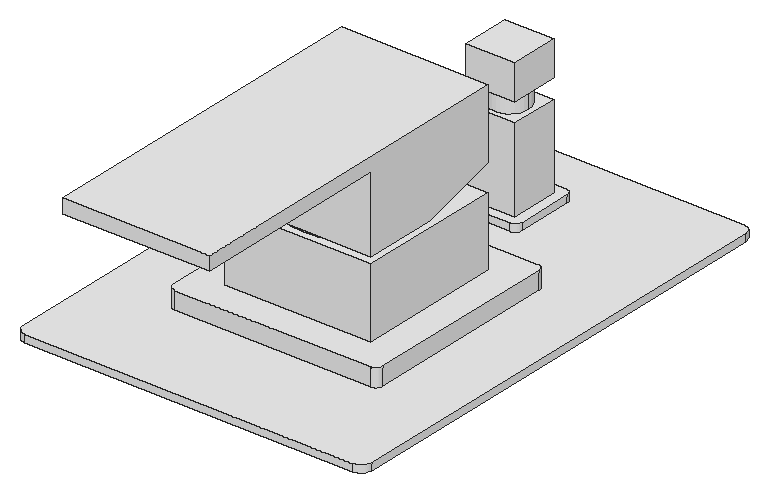
Revit family "Mixer-Bath Shower-Caroma Quatro Solid with Diverter1", category Plumbing Fixtures, host Face, Revit 2013
Parameters (values of type "Standard")
  Waste Connection = no
  Vent Connection = no
  URL = "http://www.caroma.com.au/"
  Type Comments = "Caroma Quatro Solid Bath/Shower Mixer with Diverter"  # constant formula
  Model = "90720C"  # constant formula
  Material_ANZRS = Metal-Chrome-Caroma
  Manufacturer = "GWA Bathrooms & Kitchens"  # constant formula
  HWFU = 2  # constant formula
  HW Connection = yes
  Description = ""
  Default Elevation = 1000 mm
  CreatedBy_ANZRS = "Design Content"  # constant formula
  CreatedByURL_ANZRS = "www.designcontent.com.au"
  Cost = 0
  Connector Radius = 10 mm
  CWFU = 2  # constant formula
  CW Connection = yes
  Assembly Code = "C1030210"
Reference planes
  plane 1 "Center (Front/Back)": y = 0
  plane 2: z = 0
  plane 3 "Center (Left/Right)": x = 0
  plane 4 "Top": y = 80
  plane 5 "Bottom": y = -60
  plane 6 "Left": x = -50
  plane 7 "Right": x = 50
Forms (mm)
  Extrusion 1, void
    sketch origin (0, 2.5, -112.5) x (0, 1, 0) y (0, 0, 1)
      loop
        line (-7.199, 140.225) -> (22.235, 140.225) -> (22.235, 148.214) -> (-7.199, 140.225)
    from -50 to 50
  Extrusion 2, solid, material "Metal-Chrome-Caroma" <- "Material_ANZRS"
    sketch origin (17.071, -2.929, 0) x (1, 0, 0) y (0, 1, 0)
      loop
        circle (-7.071, -7.071) r 10
    from -20 to 0
  Extrusion 3, solid, material "Metal-Chrome-Caroma" <- "Material_ANZRS"
    sketch origin (-17.071, -17.071, 0) x (-1, 0, 0) y (0, -1, 0)
      loop
        circle (-7.071, -7.071) r 10
    from -20 to 0
  Extrusion 4, solid, material "Metal-Chrome-Caroma" <- "Material_ANZRS"
    sketch origin (0, 0, -233.5) x (1, 0, 0) y (0, 1, 0)
      loop
        line (21, -78.994) -> (21, -21) -> (-21, -21) -> (-21, -78.994) -> (21, -78.994)
    from 284.2 to 288.2
  Extrusion 5, solid, material "Metal-Chrome-Caroma" <- "Material_ANZRS"
    sketch origin (0, 0, 0) x (1, 0, 0) y (0, 1, 0)
      loop
        arc (-28.028, 30) -> (-29.422, 29.422) -> (-30, 28.028) r 1.972
        line (-30, 28.028) -> (-30, -28)
        arc (-30, -28) -> (-29.414, -29.414) -> (-28, -30) r 2
        line (-28, -30) -> (28, -30)
        arc (28, -30) -> (29.414, -29.414) -> (30, -28) r 2
        line (30, -28) -> (30, 28)
        arc (30, 28) -> (29.414, 29.414) -> (28, 30) r 2
        line (28, 30) -> (-28.028, 30)
    from 0 to 7
  Extrusion 6, solid, material "Metal-Chrome-Caroma" <- "Material_ANZRS"
    sketch origin (0, 0, 0) x (1, 0, 0) y (0, 1, 0)
      loop
        line (-21, 21) -> (-21, -21) -> (21, -21) -> (21, 21) -> (-21, 21)
    from 7 to 27
  Extrusion 7, solid, material "Metal-Chrome-Caroma" <- "Material_ANZRS"
    sketch origin (0, 0, -233.5) x (1, 0, 0) y (0, 1, 0)
      loop
        line (21, 21) -> (-21, 21) -> (-21, -21) -> (21, -21) -> (21, 21)
    from 262.5 to 288.2
  Revolve 8, solid, material "Metal-Chrome-Caroma" <- "Material_ANZRS", detail levels fine
    sketch origin (0, 0, -233.5) x (0, 1, 0) y (0, 0, 1)
      loop
        line (-21, 274.284) -> (-21, 278.776)
        arc (-21, 278.776) -> (-21.757, 278.721) -> (-22.273, 278.164) r 1.034
        arc (-22.273, 278.164) -> (-22.817, 276.258) -> (-23, 274.284) r 10.71
        line (-23, 274.284) -> (-21, 274.284)
      axis (-23, 274.284) -> (-21, 274.284)
    angle from 0 to 360
  Revolve 9, solid, material "Metal-Chrome-Caroma" <- "Material_ANZRS"
    sketch origin (0, 0, -233.5) x (0, 1, 0) y (0, 0, 1)
      loop
        arc (18.995, 260.5) -> (17.363, 268.413) -> (12.735, 275.035) r 20.004
        line (12.735, 275.035) -> (0, 275.035) -> (0, 260.5) -> (18.995, 260.5)
      axis (0, 275.035) -> (0, 260.5)
    angle from 0 to 360
  Extrusion 10, solid, material "Metal-Chrome-Caroma" <- "Material_ANZRS"
    sketch origin (45, 0, 0) x (1, 0, 0) y (0, 1, 0)
      loop
        arc (-92, 80) -> (-94.121, 79.121) -> (-95, 77) r 3
        line (-95, 77) -> (-95, -57)
        arc (-95, -57) -> (-94.121, -59.121) -> (-92, -60) r 3
        line (-92, -60) -> (2, -60)
        arc (2, -60) -> (4.121, -59.121) -> (5, -57) r 3
        line (5, -57) -> (5, 77)
        arc (5, 77) -> (4.121, 79.121) -> (2, 80) r 3
        line (2, 80) -> (-92, 80)
    from 0 to 2
  Extrusion 11, solid, material "Metal-Chrome-Caroma" <- "Material_ANZRS"
    sketch origin (0, 0, 0) x (1, 0, 0) y (0, 1, 0)
      loop
        arc (-8, 65) -> (-9.414, 64.414) -> (-10, 63) r 2
        line (-10, 63) -> (-10, 47)
        arc (-10, 47) -> (-9.414, 45.586) -> (-8, 45) r 2
        line (-8, 45) -> (8, 45)
        arc (8, 45) -> (9.414, 45.586) -> (10, 47) r 2
        line (10, 47) -> (10, 63)
        arc (10, 63) -> (9.414, 64.414) -> (8, 65) r 2
        line (8, 65) -> (-8, 65)
    from 0 to 3.98
  Extrusion 12, solid, material "Metal-Chrome-Caroma" <- "Material_ANZRS"
    sketch origin (0, 0, 0) x (1, 0, 0) y (0, 1, 0)
      loop
        line (-7, 62) -> (-7, 48) -> (7, 48) -> (7, 62) -> (-7, 62)
    from 3.98 to 28
  Extrusion 13, solid, material "Metal-Chrome-Caroma" <- "Material_ANZRS"
    sketch origin (0, 0, 0) x (1, 0, 0) y (0, 1, 0)
      loop
        line (-7, 62) -> (-7, 48) -> (7, 48) -> (7, 62) -> (-7, 62)
    from 33.487 to 43.524
  Extrusion 14, solid, material "Metal-Chrome-Caroma" <- "Material_ANZRS"
    sketch origin (0, 0, 0) x (1, 0, 0) y (0, 1, 0)
      loop
        circle (0, 55) r 5.477
    from 28 to 33.487
  Extrusion 15, solid, material "Metal-Chrome-Caroma" <- "Material_ANZRS"
    sketch origin (-17.071, 2.929, 0) x (-1, 0, 0) y (0, -1, 0)
      loop
        circle (-7.071, -7.071) r 10
    from -20 to 0
  Extrusion 16, solid, material "Metal-Chrome-Caroma" <- "Material_ANZRS"
    sketch origin (2.929, 2.929, 0) x (-1, 0, 0) y (0, -1, 0)
      loop
        circle (-7.071, -7.071) r 10
    from -20 to 0
Cuts and joins
  Extrusion 1 cuts Extrusion 7
  joined: Extrusion 4, Extrusion 5, Extrusion 6, Extrusion 7, Revolve 9, Extrusion 10, Extrusion 11, Extrusion 12, Extrusion 13, Extrusion 14
Lines and regions (mm)
  Masking region 1
    outline origin (0, 0, 0) x (1, 0, 0) y (0, 1, 0)
      loop
        arc (-47, 80) -> (-49.121, 79.121) -> (-50, 77) r 3
        line (-50, 77) -> (-50, -57)
        arc (-50, -57) -> (-49.121, -59.121) -> (-47, -60) r 3
        line (-47, -60) -> (-21, -60) -> (-21, -78.994) -> (21, -78.994) -> (21, -60) -> (47, -60)
        arc (47, -60) -> (49.121, -59.121) -> (50, -57) r 3
        line (50, -57) -> (50, 77)
        arc (50, 77) -> (49.121, 79.121) -> (47, 80) r 3
        line (47, 80) -> (-47, 80)
  Masking region 2
    outline origin (0, 0, 0) x (1, 0, 0) y (0, 0, 1)
      loop
        line (50, 0) -> (50, 2) -> (30, 2) -> (30, 7) -> (21, 7) -> (21, 27) -> (18.995, 27) -> (18.894, 29) -> (21, 29) -> (21, 54.7) -> (-21, 54.7) -> (-21, 29) -> (-18.894, 29) -> (-18.995, 27) -> (-21, 27) -> (-21, 7) -> (-30, 7) -> (-30, 2) -> (-50, 2) -> (-50, 0) -> (50, 0)
  symbolic lines
    curve 1: line (-30, 28.028, 0) -> (-30, -28, 0)
    curve 2: arc (-28.028, 30, 0) -> (-29.422, 29.422, 0) -> (-30, 28.028, 0) r 1.972
    curve 3: line (28, 30, 0) -> (-28.028, 30, 0)
    curve 4: arc (30, 28, 0) -> (29.414, 29.414, 0) -> (28, 30, 0) r 2
    curve 5: line (30, -28, 0) -> (30, 28, 0)
    curve 6: arc (28, -30, 0) -> (29.414, -29.414, 0) -> (30, -28, 0) r 2
    curve 7: line (-28, -30, 0) -> (-21, -30, 0)
    curve 8: arc (-30, -28, 0) -> (-29.414, -29.414, 0) -> (-28, -30, 0) r 2
    curve 9: line (-21, 21, 0) -> (-21, -78.994, 0)
    curve 10: line (21, 21, 0) -> (-21, 21, 0)
    curve 11: line (21, -78.994, 0) -> (21, 21, 0)
    curve 12: line (-21, -78.994, 0) -> (21, -78.994, 0)
    curve 13: line (21, -30, 0) -> (28, -30, 0)
    curve 14: line (30, 0, 7) -> (7, 0, 7)
    curve 15: line (40, 0, 2) -> (-40, 0, 2)
    curve 16: line (21, 0, 27) -> (7, 0, 27)
    curve 17: line (-21, 0, 34.7) -> (-7, 0, 34.7)
    curve 18: line (18.894, 0, 29) -> (18.995, 0, 27)
    curve 19: line (-18.894, 0, 29) -> (-18.995, 0, 27)
    curve 20: line (-7, 48, 0) -> (7, 48, 0)
    curve 21: line (-7, 62, 0) -> (-7, 48, 0)
    curve 22: line (7, 62, 0) -> (-7, 62, 0)
    curve 23: line (7, 48, 0) -> (7, 62, 0)
    curve 24: line (8, 65, 0) -> (-8, 65, 0)
    curve 25: arc (-8, 65, 0) -> (-9.414, 64.414, 0) -> (-10, 63, 0) r 2
    curve 26: line (-10, 63, 0) -> (-10, 47, 0)
    curve 27: arc (-10, 47, 0) -> (-9.414, 45.586, 0) -> (-8, 45, 0) r 2
    curve 28: line (-8, 45, 0) -> (8, 45, 0)
    curve 29: arc (8, 45, 0) -> (9.414, 45.586, 0) -> (10, 47, 0) r 2
    curve 30: line (10, 47, 0) -> (10, 63, 0)
    curve 31: arc (10, 63, 0) -> (9.414, 64.414, 0) -> (8, 65, 0) r 2
    curve 32: line (10, 0, 2) -> (10, 0, 3.98)
    curve 33: line (10, 0, 3.98) -> (7, 0, 3.98)
    curve 34: line (7, 0, 3.98) -> (7, 0, 28)
    curve 35: line (7, 0, 28) -> (-5.477, 0, 28)
    curve 36: line (5.477, 0, 28) -> (5.477, 0, 33.487)
    curve 37: line (5.477, 0, 33.487) -> (7, 0, 33.487)
    curve 38: line (7, 0, 33.487) -> (7, 0, 43.524)
    curve 39: line (7, 0, 43.524) -> (-7, 0, 43.524)
    curve 40: line (-7, 0, 43.524) -> (-7, 0, 33.487)
    curve 41: line (-7, 0, 33.487) -> (5.477, 0, 33.487)
    curve 42: line (-5.477, 0, 33.487) -> (-5.477, 0, 28)
    curve 43: line (-5.477, 0, 28) -> (-7, 0, 28)
    curve 44: line (-7, 0, 28) -> (-7, 0, 3.98)
    curve 45: line (7, 0, 3.98) -> (-10, 0, 3.98)
    curve 46: line (-10, 0, 3.98) -> (-10, 0, 2)
    curve 47: line (-7, 0, 7) -> (-30, 0, 7)
    curve 48: line (-7, 0, 27) -> (-21, 0, 27)
    curve 49: line (7, 0, 34.7) -> (21, 0, 34.7)
    curve 50: spline (18.893, 0, 29) -> (18.757, 0, 29.48) -> (18.445, 0, 29.954) -> (17.958, 0, 30.418) -> (17.302, 0, 30.867) -> (16.483, 0, 31.297) -> (15.508, 0, 31.705) -> (14.387, 0, 32.086) -> (13.131, 0, 32.437) -> (11.75, 0, 32.754) -> (10.259, 0, 33.035) -> (8.67, 0, 33.276) -> (7, 0, 33.476)
    curve 51: spline (-6.897, 0, 33.487) -> (-8.58, 0, 33.288) -> (-10.181, 0, 33.048) -> (-11.685, 0, 32.768) -> (-13.077, 0, 32.45) -> (-14.345, 0, 32.099) -> (-15.477, 0, 31.717) -> (-16.46, 0, 31.308) -> (-17.287, 0, 30.876) -> (-17.949, 0, 30.425) -> (-18.441, 0, 29.959) -> (-18.756, 0, 29.482) -> (-18.893, 0, 29)
Dimensions and locks
  aligned and locked: plane 2 to host face
  aligned and locked: level to host face
Connectors
  piping at (10, -10, -20), driven by "Connector Radius", driven by "CWFU"
    settings: on Extrusion 2, index 3, connector radius 0.3937", flow factor 0, pipe flow 0 GPM, pressure drop 0.00 psi, fitting loss kfactor 0, connector angle 0.00°, fixture units 2, engagement length 0 mm, flow configuration 3, flow direction 1, fitting loss method 1, system type 20, joint type 0, gender type 0, connector reference index -1, connector utility 0, adjustable connector no, is connector primary yes, fitting loss table "Inward Projecting Pipe", connector description "Cold Inlet"
  piping at (-10, -10, -20), driven by "Connector Radius", driven by "HWFU"
    settings: on Extrusion 3, index 4, connector radius 0.3937", flow factor 0, pipe flow 0 GPM, pressure drop 0.00 psi, fitting loss kfactor 0, connector angle 0.00°, fixture units 2, engagement length 0 mm, flow configuration 3, flow direction 1, fitting loss method 1, system type 19, joint type 0, gender type 0, connector reference index -1, connector utility 0, adjustable connector no, is connector primary no, fitting loss table "Inward Projecting Pipe", connector description "Hot Inlet"
  piping at (-10, 10, -20), driven by "HWFU", driven by "Connector Radius"
    settings: on Extrusion 15, index 5, connector radius 0.3937", flow factor 0, pipe flow 0 GPM, pressure drop 0.00 psi, fitting loss kfactor 0, connector angle 0.00°, fixture units 2, engagement length 0 mm, flow configuration 3, flow direction 2, fitting loss method 1, system type 19, joint type 0, gender type 0, connector reference index -1, connector utility 0, adjustable connector no, is connector primary no, fitting loss table "Inward Projecting Pipe", connector description "Diverter Outlet"
  piping at (10, 10, -20), driven by "HWFU", driven by "Connector Radius"
    settings: on Extrusion 16, index 6, connector radius 0.3937", flow factor 0, pipe flow 0 GPM, pressure drop 0.00 psi, fitting loss kfactor 0, connector angle 0.00°, fixture units 2, engagement length 0 mm, flow configuration 3, flow direction 2, fitting loss method 1, system type 19, joint type 0, gender type 0, connector reference index -1, connector utility 0, adjustable connector no, is connector primary no, fitting loss table "Inward Projecting Pipe", connector description "Bath Outlet"
